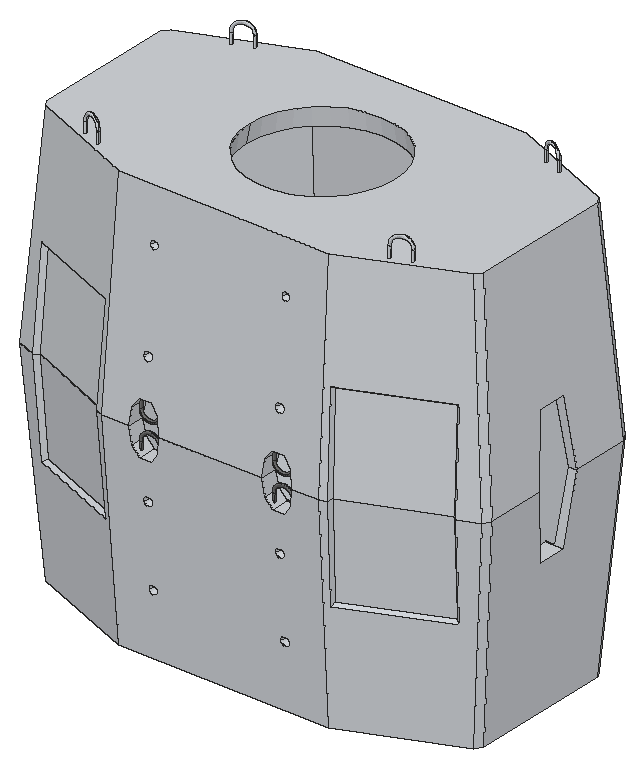
Revit family "110101-00057 Колодец ККСр-3-10 -ССД.0", category Обобщенные модели, Revit 2019 (continued)
Definition of nested family "Колодец ККСр-3-10.Верх"
  Automatic sketch dimensions
    Extrusion 14 sketch curve to plane 11 = 154 mm
    level to Sweep 17 sketch curve = 61.667 mm
    plane 3 "По центру (Влево/Вправо)" to Sweep 17 sketch curve = 315.5 mm
    Sweep 17 sketch curve to Sweep 17 sketch curve = 40 mm
    Sweep 17 sketch curve to Sweep 17 sketch curve = 35 mm  (x2)
    Sweep 17 sketch curve to profile plane = 0 mm
    Sweep 17 sketch curve to profile plane = 545 mm
    Sweep 34 sketch curve to plane 8 = 0 mm  (x2)
    plane 8 to Sweep 34 sketch curve = 45 mm
    Sweep 34 sketch curve to Sweep 34 sketch curve = 40 mm
    profile plane to Sweep 34 sketch curve = 0 mm
    Sweep 34 sketch curve to profile plane = 165 mm
    Sweep 35 sketch curve to plane 8 = 0 mm  (x2)
    plane 8 to Sweep 35 sketch curve = 45 mm
    Sweep 35 sketch curve to Sweep 35 sketch curve = 40 mm
    Sweep 35 sketch curve to profile plane = 0 mm
    Sweep 35 sketch curve to profile plane = 165 mm
    plane 8 to Sweep 36 sketch curve = 0 mm  (x2)
    plane 8 to Sweep 36 sketch curve = 45 mm
    Sweep 36 sketch curve to Sweep 36 sketch curve = 40 mm
    Sweep 36 sketch curve to profile plane = 0 mm
    Sweep 36 sketch curve to profile plane = 165 mm
    plane 8 to Sweep 37 sketch curve = 0 mm  (x2)
    plane 8 to Sweep 37 sketch curve = 45 mm
    Sweep 37 sketch curve to Sweep 37 sketch curve = 40 mm
    profile plane to Sweep 37 sketch curve = 0 mm
    Sweep 37 sketch curve to profile plane = 165 mm
    Sweep 38 sketch curve to level = 61.667 mm
    plane 3 "По центру (Влево/Вправо)" to Sweep 38 sketch curve = 315.5 mm
    Sweep 38 sketch curve to Sweep 38 sketch curve = 40 mm
    Sweep 38 sketch curve to Sweep 38 sketch curve = 35 mm  (x2)
    Sweep 38 sketch curve to profile plane = 0 mm
    Sweep 38 sketch curve to plane 1 "По центру (Вперед/Назад)" = 545 mm
    level to Sweep 39 sketch curve = 61.667 mm
    Sweep 39 sketch curve to plane 3 "По центру (Влево/Вправо)" = 315.5 mm
    Sweep 39 sketch curve to Sweep 39 sketch curve = 40 mm
    Sweep 39 sketch curve to Sweep 39 sketch curve = 35 mm  (x2)
    Sweep 39 sketch curve to profile plane = 0 mm
    Sweep 39 sketch curve to profile plane = 545 mm
    Blend 42 sketch curve to Blend 42 sketch curve = 430 mm
    Blend 42 sketch curve to Blend 42 sketch curve = 410 mm  (x2)
    Blend 42 sketch curve to Blend 42 sketch curve = 400.327 mm
    radius of Blend 4 sketch curve = 8 mm
    radius of Blend 4 sketch curve = 19 mm
    radius of Blend 5 sketch curve = 4 mm
    radius of Blend 5 sketch curve = 8 mm
    radius of Blend 18 sketch curve = 315 mm
    radius of Blend 18 sketch curve = 300 mm
    radius of Blend 20 sketch curve = 8 mm
    radius of Blend 20 sketch curve = 19 mm
    radius of Blend 21 sketch curve = 4 mm
    radius of Blend 21 sketch curve = 8 mm
    radius of Blend 22 sketch curve = 8 mm
    radius of Blend 22 sketch curve = 19 mm
    radius of Blend 23 sketch curve = 4 mm
    radius of Blend 23 sketch curve = 8 mm
    radius of Blend 24 sketch curve = 8 mm
    radius of Blend 24 sketch curve = 19 mm
    radius of Blend 25 sketch curve = 4 mm
    radius of Blend 25 sketch curve = 8 mm
    radius of Blend 26 sketch curve = 8 mm
    radius of Blend 26 sketch curve = 19 mm
    radius of Blend 27 sketch curve = 4 mm
    radius of Blend 27 sketch curve = 8 mm
    radius of Blend 28 sketch curve = 8 mm
    radius of Blend 28 sketch curve = 19 mm
    radius of Blend 29 sketch curve = 4 mm
    radius of Blend 29 sketch curve = 8 mm
    radius of Blend 30 sketch curve = 8 mm
    radius of Blend 30 sketch curve = 19 mm
    radius of Blend 31 sketch curve = 4 mm
    radius of Blend 31 sketch curve = 8 mm
    radius of Blend 32 sketch curve = 8 mm
    radius of Blend 32 sketch curve = 19 mm
    radius of Blend 33 sketch curve = 4 mm
    radius of Blend 33 sketch curve = 8 mm
    radius of Sweep 8 sketch curve = 5 mm
    radius of Sweep 17 sketch curve = 5 mm
    radius of Sweep 34 sketch curve = 5 mm
    radius of Sweep 35 sketch curve = 5 mm
    radius of Sweep 36 sketch curve = 5 mm
    radius of Sweep 37 sketch curve = 5 mm
    radius of Sweep 38 sketch curve = 5 mm
    radius of Sweep 39 sketch curve = 5 mm
